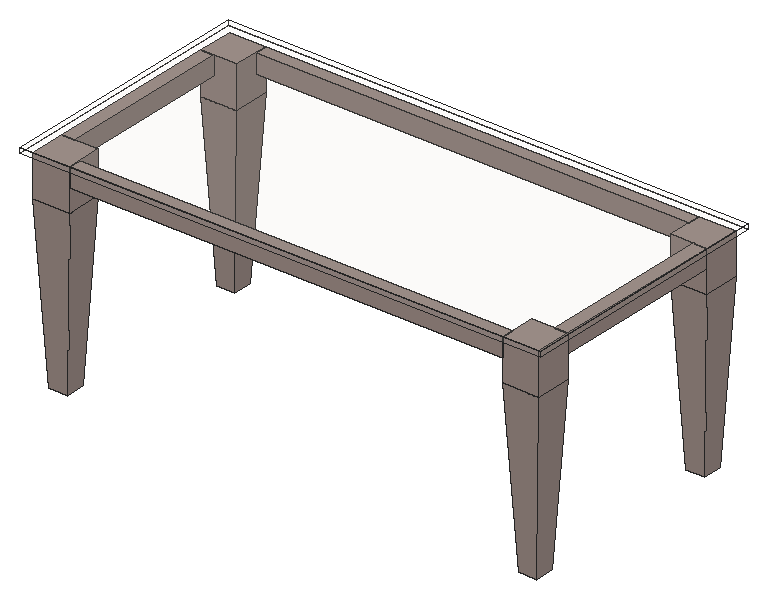
Revit family
Parameters (values of type "1800 x 900 mm")
  Width = 900 mm
  Top Material = Glass Top
  Base Material = Wood
  Length = 1800 mm
  Height = 750 mm
Reference planes
  plane 1 "Center (Front/Back)": y = 0
  plane 2: z = 0
  plane 3 "Center (Left/Right)": x = 0
  plane 4: x = -900
  plane 5: x = 900
  plane 6: y = 450
  plane 7: y = -450
  plane 8: z = 750
Forms (mm)
  Extrusion 1, solid, material "Glass Top" <- "Top Material"
    sketch origin (0, 0, 750) x (1, 0, 0) y (0, -1, 0)
      loop
        line (-900, -450) -> (900, -450) -> (900, 450) -> (-900, 450) -> (-900, -450)
    from 0 to 18
  Extrusion 2, solid, material "Wood" <- "Base Material"
    sketch origin (0, 0, 750) x (1, 0, 0) y (0, -1, 0)
      loop
        line (-875, -425) -> (-750, -425) -> (-750, -300) -> (-875, -300) -> (-875, -425)
      loop
        line (875, -425) -> (875, -300) -> (750, -300) -> (750, -425) -> (875, -425)
    from 18 to 162
  Extrusion 3, solid, material "Wood" <- "Base Material"
    sketch origin (0, 0, 750) x (1, 0, 0) y (0, -1, 0)
      loop
        line (-875, 425) -> (-875, 300) -> (-750, 300) -> (-750, 425) -> (-875, 425)
      loop
        line (875, 425) -> (750, 425) -> (750, 300) -> (875, 300) -> (875, 425)
    from 18 to 162
  Blend 4, solid, material "Wood" <- "Base Material"
    base sketch origin (0, 0, 0) x (1, 0, 0) y (0, 1, 0)
      loop
        line (-845, 395) -> (-845, 330) -> (-780, 330) -> (-780, 395) -> (-845, 395)
    top sketch origin (0, 0, 0) x (1, 0, 0) y (0, 1, 0)
      loop
        line (-875, 425) -> (-875, 300) -> (-750, 300) -> (-750, 425) -> (-875, 425)
    from 0 to 588
  Blend 5, solid, material "Wood" <- "Base Material"
    base sketch origin (0, 0, 0) x (1, 0, 0) y (0, 1, 0)
      loop
        line (845, 395) -> (780, 395) -> (780, 330) -> (845, 330) -> (845, 395)
    top sketch origin (0, 0, 0) x (1, 0, 0) y (0, 1, 0)
      loop
        line (750, 425) -> (750, 300) -> (875, 300) -> (875, 425) -> (750, 425)
    from 0 to 588
  Blend 6, solid, material "Wood" <- "Base Material"
    base sketch origin (0, 0, 750) x (1, 0, 0) y (0, 1, 0)
      loop
        line (750, -300) -> (750, -425) -> (875, -425) -> (875, -300) -> (750, -300)
    top sketch origin (0, 0, 750) x (1, 0, 0) y (0, 1, 0)
      loop
        line (845, -395) -> (845, -330) -> (780, -330) -> (780, -395) -> (845, -395)
    from -162 to -750
  Blend 7, solid, material "Wood" <- "Base Material"
    base sketch origin (0, 0, 750) x (1, 0, 0) y (0, 1, 0)
      loop
        line (-875, -300) -> (-875, -425) -> (-750, -425) -> (-750, -300) -> (-875, -300)
    top sketch origin (0, 0, 750) x (1, 0, 0) y (0, 1, 0)
      loop
        line (-845, -395) -> (-780, -395) -> (-780, -330) -> (-845, -330) -> (-845, -395)
    from -162 to -750
  Extrusion 8, solid, material "Wood" <- "Base Material"
    sketch origin (0, 0, 750) x (1, 0, 0) y (0, -1, 0)
      loop
        line (-750, -425) -> (750, -425) -> (750, -380) -> (-750, -380) -> (-750, -425)
    from 18 to 82
  Extrusion 9, solid, material "Wood" <- "Base Material"
    sketch origin (0, 0, 750) x (1, 0, 0) y (0, -1, 0)
      loop
        line (-750, 425) -> (-750, 380) -> (750, 380) -> (750, 425) -> (-750, 425)
    from 18 to 82
  Extrusion 10, solid, material "Wood" <- "Base Material"
    sketch origin (0, 0, 750) x (1, 0, 0) y (0, -1, 0)
      loop
        line (-875, 300) -> (-875, -300) -> (-830, -300) -> (-830, 300) -> (-875, 300)
    from 18 to 82
  Extrusion 11, solid, material "Wood" <- "Base Material"
    sketch origin (0, 0, 750) x (1, 0, 0) y (0, -1, 0)
      loop
        line (875, -300) -> (875, 300) -> (830, 300) -> (830, -300) -> (875, -300)
    from 18 to 82
Lines and regions (mm)
  symbolic lines
    curve 1: line (-900, 450, 0) -> (900, 450, 0)
    curve 2: line (-900, -450, 0) -> (-900, 450, 0)
    curve 3: line (900, -450, 0) -> (-900, -450, 0)
    curve 4: line (900, 450, 0) -> (900, -450, 0)
    curve 5: line (-875, 425, 0) -> (-750, 425, 0)
    curve 6: line (-875, 300, 0) -> (-875, 425, 0)
    curve 7: line (-750, 300, 0) -> (-875, 300, 0)
    curve 8: line (-750, 425, 0) -> (-750, 300, 0)
    curve 9: line (750, 425, 0) -> (875, 425, 0)
    curve 10: line (750, 300, 0) -> (750, 425, 0)
    curve 11: line (875, 300, 0) -> (750, 300, 0)
    curve 12: line (875, 425, 0) -> (875, 300, 0)
    curve 13: line (750, -300, 0) -> (875, -300, 0)
    curve 14: line (750, -425, 0) -> (750, -300, 0)
    curve 15: line (875, -425, 0) -> (750, -425, 0)
    curve 16: line (875, -300, 0) -> (875, -425, 0)
    curve 17: line (-875, -300, 0) -> (-750, -300, 0)
    curve 18: line (-875, -425, 0) -> (-875, -300, 0)
    curve 19: line (-750, -425, 0) -> (-875, -425, 0)
    curve 20: line (-750, -300, 0) -> (-750, -425, 0)
    curve 21: line (-750, 425, 0) -> (750, 425, 0)
    curve 22: line (875, 300, 0) -> (875, -300, 0)
    curve 23: line (750, -425, 0) -> (-750, -425, 0)
    curve 24: line (-875, -300, 0) -> (-875, 300, 0)
Dimensions and locks
  equal spacing: plane 4, plane 3 "Center (Left/Right)", plane 5
  "Length": plane 4 to plane 5
  equal spacing: plane 7, plane 1 "Center (Front/Back)", plane 6
  "Width": plane 7 to plane 6
  "Height": level to plane 8
  aligned and locked: plane 4 to Extrusion 1 sketch curve
  aligned and locked: Extrusion 1 sketch curve to plane 6
  aligned and locked: plane 7 to Extrusion 1 sketch curve
  aligned and locked: plane 5 to Extrusion 1 sketch curve
  aligned and locked: Extrusion 1 to plane 8
  aligned and locked: Extrusion 2 to Extrusion 1
  aligned and locked: Extrusion 3 to Extrusion 1
  aligned and locked: Blend 4 sketch curve to Extrusion 2  (x3)
  aligned and locked: Extrusion 2 to Blend 4 sketch curve
  aligned and locked: Blend 4 to Extrusion 2
  aligned and locked: Blend 5 sketch curve to Extrusion 2  (x3)
  aligned and locked: Extrusion 2 to Blend 5 sketch curve
  aligned and locked: Blend 5 to Extrusion 2
  aligned and locked: Blend 6 sketch curve to Extrusion 3  (x3)
  aligned and locked: Extrusion 3 to Blend 6 sketch curve
  aligned and locked: Extrusion 2 to Blend 6
  aligned and locked: Blend 6 to level
  aligned and locked: Blend 5 to level
  aligned and locked: Blend 4 to level
  aligned and locked: Blend 7 sketch curve to Extrusion 3  (x3)
  aligned and locked: Extrusion 3 to Blend 7 sketch curve
  aligned and locked: Blend 7 to level
  aligned and locked: Blend 7 to Extrusion 2
  aligned and locked: Extrusion 8 sketch curve to Extrusion 2  (x2)
  aligned and locked: Extrusion 8 to Extrusion 1
  aligned and locked: Extrusion 3 to Extrusion 9 sketch curve
  aligned and locked: Extrusion 9 sketch curve to Extrusion 3
  aligned and locked: Extrusion 10 sketch curve to Extrusion 2
  aligned and locked: Extrusion 10 sketch curve to Extrusion 3
  aligned and locked: Extrusion 11 sketch curve to Extrusion 2
  aligned and locked: Extrusion 3 to Extrusion 11 sketch curve
  aligned and locked: curve 1 to Extrusion 1  (x2)
  aligned and locked: Extrusion 1 to curve 4
  aligned and locked: curve 4 to Extrusion 1
Automatic sketch dimensions
  plane 4 to Extrusion 2 sketch curve = 25 mm
  Extrusion 2 sketch curve to Extrusion 2 sketch curve = 125 mm
  Extrusion 2 sketch curve to plane 5 = 150 mm
  Extrusion 2 sketch curve to plane 5 = 25 mm
  plane 6 to Extrusion 2 sketch curve = 150 mm  (x2)
  plane 6 to Extrusion 2 sketch curve = 25 mm  (x2)
  plane 4 to Extrusion 3 sketch curve = 25 mm
  Extrusion 3 sketch curve to Extrusion 3 sketch curve = 125 mm  (x3)
  Extrusion 3 sketch curve to plane 5 = 150 mm
  Extrusion 3 sketch curve to plane 5 = 25 mm
  Extrusion 3 sketch curve to plane 7 = 25 mm  (x2)
  plane 4 to Blend 4 sketch curve = 55 mm
  plane 6 to Blend 4 sketch curve = 55 mm
  Blend 4 sketch curve to Blend 4 sketch curve = 65 mm  (x2)
  plane 6 to Blend 5 sketch curve = 55 mm
  Blend 5 sketch curve to Blend 5 sketch curve = 65 mm  (x2)
  Blend 5 sketch curve to plane 5 = 55 mm
  Blend 6 sketch curve to plane 7 = 55 mm
  Blend 6 sketch curve to plane 5 = 55 mm
  Blend 6 sketch curve to Blend 6 sketch curve = 65 mm  (x2)
  Blend 7 sketch curve to plane 7 = 55 mm
  plane 4 to Blend 7 sketch curve = 55 mm
  Blend 7 sketch curve to Blend 7 sketch curve = 65 mm  (x2)
  plane 6 to Extrusion 8 sketch curve = 70 mm
  plane 6 to Extrusion 8 sketch curve = 25 mm
  Extrusion 9 sketch curve to plane 7 = 70 mm
  Extrusion 9 sketch curve to Extrusion 9 sketch curve = 45 mm
  plane 4 to Extrusion 10 sketch curve = 25 mm
  Extrusion 10 sketch curve to Extrusion 10 sketch curve = 45 mm
  Extrusion 11 sketch curve to plane 5 = 70 mm
  Extrusion 11 sketch curve to plane 5 = 25 mm
  plane 4 to curve 24 = 25 mm
  plane 6 to curve 21 = 25 mm
  curve 5 to curve 21 = 125 mm
  curve 20 to plane 7 = 25 mm
  curve 18 to curve 20 = 125 mm
  curve 10 to plane 5 = 150 mm
  curve 14 to plane 5 = 150 mm
  curve 13 to plane 5 = 25 mm
  curve 14 to curve 13 = 125 mm
  curve 19 to curve 17 = 125 mm
  curve 10 to curve 9 = 125 mm
  curve 7 to curve 5 = 125 mm
